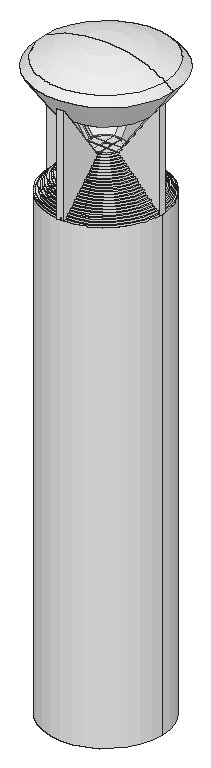
Revit family "GEM1", category Lighting Fixtures, host Face, Revit 2021
Family settings
  Host = Face
  Round Connector Dimension = Use Diameter
  Part Type = Normal
  Cut with Voids When Loaded = No
  Light Source = Yes
  Shared = No
  Room Calculation Point = No
Parameters (values of type "GEM1_Performance_Bollard")
  Wattage Comments = "21W to 41W"  # constant formula
  Wattage = 9.2903 W
  built-in parameter 1150110 = 1 (stored number, unit not read)
  Voltage = 120 V
  URL = "https://www.currentlighting.com/kimlighting"
  Type Comments = "Lighting Fixture"  # constant formula
  built-in parameter 1114217 = 1 (stored number, unit not read)
  Tilt Angle = 90.00°
  built-in parameter 1150109 = 1 (stored number, unit not read)
  built-in parameter 1150134 = 3
  built-in parameter 1150113 = 1 (stored number, unit not read)
  Shaft Material = Metal-Aluminum Alloy
  Shaft Height = Overall Height - 9 1/2"  # 33"
  Series = "Low Level LED Bollard"  # constant formula
  Product Page URL = ""
  Product Documentation Link = ""
  Power Factor = 1  # constant formula
  Photometric Web File = "gem1-18l3k.ies"
  Photometric Notes = "More IES files download on Photometric Web Link"  # constant formula
  Overall Height = 42 1/2"
  OmniClass Title = "Lighting Bollard"  # constant formula
  OmniClass Number = "23.80.70.14.11.11"  # constant formula
  Number of Poles = 1
  Note Visible = yes
  Note Text = "LF"  # constant formula
  Model = "GEM1"  # constant formula
  MasterFormat Title = "Parking Lighting, Roadway Lighting, Site Lighting"  # constant formula
  Manufacturer = "KIM Lighting"  # constant formula
  built-in parameter 1150105 = 109.82 (stored number, unit not read)
  Lumens = 1380 lm
  built-in parameter 1150115 = 1 (stored number, unit not read)
  Load Classification = Lighting
  built-in parameter 1150137 = (empty or 0)
  built-in parameter 1150139 = (empty or 0)
  built-in parameter 1150112 = 1 (stored number, unit not read)
  built-in parameter 1150114 = 1 (stored number, unit not read)
  Lamp = "LED"  # constant formula
  built-in parameter 1150132 = (empty or 0)
  built-in parameter 1150102 = (empty or 0)
  built-in parameter 1150107 = 3200 (stored number, unit not read)
  built-in parameter 1150138 = (empty or 0)
  built-in parameter 1150106 = 1.0982 (stored number, unit not read)
  Housing material = Metal-Aluminum Alloy
  Glass Material = Glass-Clear
  Full Load Current = 0 A
  Finish = "All colors shall be a Super TGIC thermoset polyester powder coat paint"
  Emit from Circle Diameter = 6"  # constant formula
  Emit Shape Visible in Rendering = no
  built-in parameter 1150104 = 13.8 (stored number, unit not read)
  Dimming Lamp Color Temperature Shift = <None>
  Description = "Architectural Outdoor Lighting"  # constant formula
  Default Elevation = 0"
  Color Filter = 16777215
  built-in parameter 1114218 = 1 (stored number, unit not read)
  built-in parameter 1150133 = 10 (stored number, unit not read)
  Assembly Code = "D5020200"
  Apparent Load = 0 VA
Reference planes (in)
  plane 1 "Center (Front/Back)": y = 0
  plane 2: z = 0
  plane 3 "Center (Left/Right)": x = 0
  plane 4 "Top of Lamp": z = 42.5
  plane 5 "Top of Shaft": z = 33
  plane 6: z = 39
  plane 7: z = 36
  plane 8: z = 41
  plane 9: z = 41.5
  plane 10 "Left": x = -4.75
  plane 11 "Right": x = 4.75
  plane 12: x = -4
  plane 13: x = 4
  plane 14 "Back": y = 4
  plane 15 "Front": y = -4
  plane 16: z = 39.96678
Forms (in)
  Revolve 1, solid, material "Glass-Clear" <- "Glass Material", detail levels medium+fine
    sketch origin (0, 0, 0) x (1, 0, 0) y (0, 0, 1)
      loop
        line (-3.14579, 39) -> (-3.30018, 39) -> (-1.12546, 36) -> (-0.97107, 36) -> (-3.14579, 39)
      axis (0, 39) -> (0, 36)
    angle from 0 to 360
  Revolve 2, solid, material "Metal-Aluminum Alloy" <- "Housing material", detail levels medium+fine
    sketch origin (0, 0, 0) x (1, 0, 0) y (0, 0, 1)
      loop
        line (-3.30018, 39) -> (-2.99141, 39) -> (-4.42241, 40.97404) -> (-4.09888, 41.29442)
        arc (-4.09888, 41.29442) -> (-2.10905, 42.0275) -> (0, 42.24827) r 8.54897
        line (0, 42.24827) -> (0, 42.5)
        arc (0, 42.5) -> (-2.18564, 42.2672) -> (-4.24541, 41.5) r 8.79978
        line (-4.24541, 41.5) -> (-4.75, 41) -> (-3.30018, 39)
      axis (0, 42.5) -> (0, 39)
    angle from 0 to 360
  Extrusion 3, solid, material "Metal-Aluminum Alloy" <- "Housing material", detail levels fine
    sketch origin (0, 0, 0) x (0, 1, 0) y (0, 0, 1)
      loop
        line (4, 33) -> (4, 39.96678) -> (1.1263, 36) -> (-1.13812, 36) -> (-4, 39.96678) -> (-4, 33) -> (4, 33)
    from -0.25 to 0.25
  Extrusion 4, solid, material "Metal-Aluminum Alloy" <- "Housing material", detail levels fine
    sketch origin (0, 0, 0) x (1, 0, 0) y (0, 0, 1)
      loop
        line (-4, 33) -> (4, 33) -> (4, 39.96678) -> (1.12474, 36) -> (-1.12474, 36) -> (-4, 39.96678) -> (-4, 33)
    from -0.25 to 0.25
  Revolve 5, solid, material "Metal-Aluminum Alloy" <- "Housing material", detail levels coarse
    sketch origin (0, 0, 0) x (1, 0, 0) y (0, 0, 1)
      loop
        line (-4, 33) -> (0, 33) -> (0, 42.5) -> (-4.75, 41) -> (-1.10293, 36) -> (-4, 33)
      axis (0, 42.5) -> (0, 33)
    angle from 0 to 360
  Revolve 6, solid, material "Metal-Aluminum Alloy" <- "Shaft Material"
    sketch origin (0, 0, 0) x (1, 0, 0) y (0, 0, 1)
      loop
        line (-4, 33) -> (-4, 0) -> (0, 0) -> (0, 33) -> (-4, 33)
      axis (0, 33) -> (0, 0)
    angle from 0 to 360
  Sweep 7, solid, material "Metal-Aluminum Alloy" <- "Housing material", detail levels medium+fine
    path origin (0, 0, 33) x (0, 1, 0) y (-1, 0, 0)
      loop
        circle (0, 0) r 4
    profile origin (-4, 0, 33) x (1, 0, 0) y (0, 0, 1)
      loop
        line (0, 0) -> (3.75, 0) -> (3.75, 3) -> (2.87454, 3) -> (2.87454, 2.875) -> (2.75, 2.875) -> (2.75, 2.75) -> (2.625, 2.75) -> (2.625, 2.625) -> (2.5, 2.625) -> (2.5, 2.5) -> (2.375, 2.5) -> (2.375, 2.375) -> (2.25, 2.375) -> (2.25, 2.25) -> (2.125, 2.25) -> (2.125, 2.12795) -> (2, 2.12795) -> (2, 2) -> (1.875, 2) -> (1.875, 1.875) -> (1.75, 1.875) -> (1.75, 1.75) -> (1.625, 1.75) -> (1.625, 1.625) -> (1.5, 1.625) -> (1.5, 1.5) -> (1.375, 1.5) -> (1.375, 1.375) -> (1.25, 1.375) -> (1.25, 1.25) -> (1.125, 1.25) -> (1.125, 1.125) -> (1, 1.125) -> (1, 1) -> (0.875, 1) -> (0.875, 0.875) -> (0.75, 0.875) -> (0.75, 0.75) -> (0.625, 0.75) -> (0.625, 0.625) -> (0.5, 0.625) -> (0.5, 0.5) -> (0.375, 0.5) -> (0.375, 0.375) -> (0.25, 0.375) -> (0.25, 0.25) -> (0.125, 0.25) -> (0.125, 0.125) -> (0, 0.125) -> (0, 0)
Lines and regions (in)
  symbolic lines
    curve 1: arc (-4.75, 0, 42.5) -> (0, 4.75, 42.5) -> (4.75, 0, 42.5) r 4.75
    curve 2: arc (4.75, 0, 42.5) -> (0, -4.75, 42.5) -> (-4.75, 0, 42.5) r 4.75
    curve 7: line (-4, 0, 0) -> (-4, 0, 33)
    curve 8: line (-4, 0, 33) -> (4, 0, 33)
    curve 9: line (4, 0, 33) -> (4, 0, 0)
    curve 168: line (0, 4, 0) -> (0, 4, 33)
    curve 169: line (0, -4, 33) -> (0, -4, 0)
    curve 170: line (0, -4, 0) -> (0, 4, 0)
    curve 171: line (-4, 0, 0) -> (4, 0, 0)
    curve 194: line (0, 4, 33) -> (0, -4, 33)
  symbolic lines, detail levels medium+fine
    curve 3: arc (-4.25, 0, 42.5) -> (0, -4.25, 42.5) -> (4.25, 0, 42.5) r 4.25
    curve 4: arc (4.25, 0, 42.5) -> (0, 4.25, 42.5) -> (-4.25, 0, 42.5) r 4.25
    curve 15: line (-4.75, 0, 41) -> (-4.25, 0, 41.5)
    curve 16: arc (-4.25, 0, 41.5) -> (-2.18628, 0, 42.26044) -> (0, 0, 42.5) r 9.03986
    curve 17: line (1.12583, 0, 36) -> (4.75, 0, 41)
    curve 18: line (4.75, 0, 41) -> (4.25, 0, 41.5)
    curve 19: arc (4.25, 0, 41.5) -> (2.18628, 0, 42.26044) -> (0, 0, 42.5) r 9.03986
    curve 20: line (-4, 0, 39.96528) -> (-4, 0, 33)
    curve 21: line (4, 0, 39.96528) -> (4, 0, 33)
    curve 22: line (-0.25, 0, 39.96678) -> (-0.25, 0, 33)
    curve 23: line (-0.25, 0, 39.96678) -> (0.25, 0, 39.96678)
    curve 24: line (0.25, 0, 39.96678) -> (0.25, 0, 33)
    curve 25: line (-1.12583, 0, 36) -> (-4.75, 0, 41)
    curve 26: line (-1.12583, 0, 36) -> (-0.25, 0, 36)
    curve 27: line (0.25, 0, 36) -> (1.12583, 0, 36)
    curve 28: line (-4, 0, 33.125) -> (-3.875, 0, 33.125)
    curve 29: line (-3.875, 0, 33.125) -> (-3.875, 0, 33.25)
    curve 30: line (-3.875, 0, 33.25) -> (-3.74967, 0, 33.25)
    curve 31: line (-3.74967, 0, 33.25) -> (-3.74967, 0, 33.375)
    curve 32: line (-3.74967, 0, 33.375) -> (-3.62467, 0, 33.375)
    curve 33: line (-3.62467, 0, 33.375) -> (-3.62467, 0, 33.5)
    curve 34: line (-3.62467, 0, 33.5) -> (-3.49967, 0, 33.5)
    curve 35: line (-3.49967, 0, 33.5) -> (-3.49967, 0, 33.625)
    curve 36: line (-3.49967, 0, 33.625) -> (-3.37467, 0, 33.625)
    curve 37: line (-3.37467, 0, 33.625) -> (-3.37467, 0, 33.75)
    curve 38: line (-3.37467, 0, 33.75) -> (-3.24967, 0, 33.75)
    curve 39: line (-3.24967, 0, 33.75) -> (-3.24967, 0, 33.875)
    curve 40: line (-3.24967, 0, 33.875) -> (-3.12467, 0, 33.875)
    curve 41: line (-3.12467, 0, 33.875) -> (-3.12467, 0, 34.0013)
    curve 42: line (-3.12467, 0, 34.0013) -> (-3.00017, 0, 34.0013)
    curve 43: line (-3.00017, 0, 34.0013) -> (-3.00017, 0, 34.12817)
    curve 44: line (-3.00017, 0, 34.12817) -> (-2.8733, 0, 34.12817)
    curve 45: line (-2.8733, 0, 34.12817) -> (-2.8733, 0, 34.25202)
    curve 46: line (-2.8733, 0, 34.25202) -> (-2.74946, 0, 34.25202)
    curve 47: line (-2.74946, 0, 34.25202) -> (-2.74946, 0, 34.37737)
    curve 48: line (-2.74946, 0, 34.37737) -> (-2.62561, 0, 34.37737)
    curve 49: line (-2.62561, 0, 34.37737) -> (-2.62561, 0, 34.50273)
    curve 50: line (-2.62561, 0, 34.50273) -> (-2.49875, 0, 34.50273)
    curve 51: line (-2.49875, 0, 34.50273) -> (-2.49875, 0, 34.62959)
    curve 52: line (-2.49875, 0, 34.62959) -> (-2.37339, 0, 34.62959)
    curve 53: line (-2.37339, 0, 34.62959) -> (-2.37339, 0, 34.75646)
    curve 54: line (-2.37339, 0, 34.75646) -> (-2.24804, 0, 34.75646)
    curve 55: line (-2.24804, 0, 34.75646) -> (-2.24804, 0, 34.8803)
    curve 56: line (-2.24804, 0, 34.8803) -> (-2.12268, 0, 34.8803)
    curve 57: line (-2.12268, 0, 34.8803) -> (-2.12268, 0, 35.00415)
    curve 58: line (-2.12268, 0, 35.00415) -> (-1.99884, 0, 35.00415)
    curve 59: line (-1.99884, 0, 35.00415) -> (-1.99884, 0, 35.13056)
    curve 60: line (-1.99884, 0, 35.13056) -> (-1.87519, 0, 35.13056)
    curve 61: line (-1.87519, 0, 35.13056) -> (-1.87519, 0, 35.25591)
    curve 62: line (-1.87519, 0, 35.25591) -> (-1.74983, 0, 35.25591)
    curve 63: line (-1.74983, 0, 35.25591) -> (-1.74983, 0, 35.38278)
    curve 64: line (-1.74983, 0, 35.38278) -> (-1.62297, 0, 35.38278)
    curve 65: line (-1.62297, 0, 35.38278) -> (-1.62297, 0, 35.50662)
    curve 66: line (-1.62297, 0, 35.50662) -> (-1.4961, 0, 35.50662)
    curve 67: line (-1.4961, 0, 35.50662) -> (-1.4961, 0, 35.63349)
    curve 68: line (-1.4961, 0, 35.63349) -> (-1.37225, 0, 35.63349)
    curve 69: line (-1.37225, 0, 35.63349) -> (-1.37225, 0, 35.75884)
    curve 70: line (-1.37225, 0, 35.75884) -> (-1.2469, 0, 35.75884)
    curve 71: line (-1.2469, 0, 35.75884) -> (-1.2469, 0, 35.88571)
    curve 72: line (-1.2469, 0, 35.88571) -> (-1.12003, 0, 35.88571)
    curve 73: line (-1.12003, 0, 35.88571) -> (-1.12003, 0, 36)
    curve 74: line (4, 0, 33.125) -> (3.875, 0, 33.125)
    curve 75: line (3.875, 0, 33.125) -> (3.875, 0, 33.25)
    curve 76: line (3.875, 0, 33.25) -> (3.74967, 0, 33.25)
    curve 77: line (3.74967, 0, 33.25) -> (3.74967, 0, 33.375)
    curve 78: line (3.74967, 0, 33.375) -> (3.62467, 0, 33.375)
    curve 79: line (3.62467, 0, 33.375) -> (3.62467, 0, 33.5)
    curve 80: line (3.62467, 0, 33.5) -> (3.49967, 0, 33.5)
    curve 81: line (3.49967, 0, 33.5) -> (3.49967, 0, 33.625)
    curve 82: line (3.49967, 0, 33.625) -> (3.37467, 0, 33.625)
    curve 83: line (3.37467, 0, 33.625) -> (3.37467, 0, 33.75)
    curve 84: line (3.37467, 0, 33.75) -> (3.24967, 0, 33.75)
    curve 85: line (3.24967, 0, 33.75) -> (3.24967, 0, 33.875)
    curve 86: line (3.24967, 0, 33.875) -> (3.12467, 0, 33.875)
    curve 87: line (3.12467, 0, 33.875) -> (3.12467, 0, 34.0013)
    curve 88: line (3.12467, 0, 34.0013) -> (3.00017, 0, 34.0013)
    curve 89: line (3.00017, 0, 34.0013) -> (3.00017, 0, 34.12817)
    curve 90: line (3.00017, 0, 34.12817) -> (2.8733, 0, 34.12817)
    curve 91: line (2.8733, 0, 34.12817) -> (2.8733, 0, 34.25202)
    curve 92: line (2.8733, 0, 34.25202) -> (2.74946, 0, 34.25202)
    curve 93: line (2.74946, 0, 34.25202) -> (2.74946, 0, 34.37737)
    curve 94: line (2.74946, 0, 34.37737) -> (2.62561, 0, 34.37737)
    curve 95: line (2.62561, 0, 34.37737) -> (2.62561, 0, 34.50273)
    curve 96: line (2.62561, 0, 34.50273) -> (2.49875, 0, 34.50273)
    curve 97: line (2.49875, 0, 34.50273) -> (2.49875, 0, 34.62959)
    curve 98: line (2.49875, 0, 34.62959) -> (2.37339, 0, 34.62959)
    curve 99: line (2.37339, 0, 34.62959) -> (2.37339, 0, 34.75646)
    curve 100: line (2.37339, 0, 34.75646) -> (2.24804, 0, 34.75646)
    curve 101: line (2.24804, 0, 34.75646) -> (2.24804, 0, 34.8803)
    curve 102: line (2.24804, 0, 34.8803) -> (2.12268, 0, 34.8803)
    curve 103: line (2.12268, 0, 34.8803) -> (2.12268, 0, 35.00415)
    curve 104: line (2.12268, 0, 35.00415) -> (1.99884, 0, 35.00415)
    curve 105: line (1.99884, 0, 35.00415) -> (1.99884, 0, 35.13056)
    curve 106: line (1.99884, 0, 35.13056) -> (1.87519, 0, 35.13056)
    curve 107: line (1.87519, 0, 35.13056) -> (1.87519, 0, 35.25591)
    curve 108: line (1.87519, 0, 35.25591) -> (1.74983, 0, 35.25591)
    curve 109: line (1.74983, 0, 35.25591) -> (1.74983, 0, 35.38278)
    curve 110: line (1.74983, 0, 35.38278) -> (1.62297, 0, 35.38278)
    curve 111: line (1.62297, 0, 35.38278) -> (1.62297, 0, 35.50662)
    curve 112: line (1.62297, 0, 35.50662) -> (1.4961, 0, 35.50662)
    curve 113: line (1.4961, 0, 35.50662) -> (1.4961, 0, 35.63349)
    curve 114: line (1.4961, 0, 35.63349) -> (1.37225, 0, 35.63349)
    curve 115: line (1.37225, 0, 35.63349) -> (1.37225, 0, 35.75884)
    curve 116: line (1.37225, 0, 35.75884) -> (1.2469, 0, 35.75884)
    curve 117: line (1.2469, 0, 35.75884) -> (1.2469, 0, 35.88571)
    curve 118: line (1.2469, 0, 35.88571) -> (1.12003, 0, 35.88571)
    curve 119: line (1.12003, 0, 35.88571) -> (1.12003, 0, 36)
    curve 179: line (0, 1.12496, 36) -> (0, 4.75, 41)
    curve 180: line (0, 4.75, 41) -> (0, 4.25, 41.5)
    curve 181: arc (0, 4.25, 41.5) -> (0, 2.188, 42.26777) -> (0, 0, 42.5) r 8.79971
    curve 182: line (0, -1.12496, 36) -> (0, -4.75, 41)
    curve 183: line (0, -4.75, 41) -> (0, -4.25, 41.5)
    curve 184: arc (0, -4.25, 41.5) -> (0, -2.188, 42.26777) -> (0, 0, 42.5) r 8.79971
    curve 185: line (0, 4, 39.96553) -> (0, 4, 33)
    curve 186: line (0, -4, 39.96553) -> (0, -4, 33)
    curve 187: line (0, 0.25, 40) -> (0, 0.25, 33)
    curve 188: line (0, 0.25, 40) -> (0, -0.25, 40)
    curve 189: line (0, -0.25, 40) -> (0, -0.25, 33)
    curve 195: line (0, 1.12496, 36) -> (0, 0.25, 36)
    curve 196: line (0, -0.25, 36) -> (0, -1.12496, 36)
    curve 243: line (0, 3.875, 33.25) -> (0, 3.875, 33.125)
    curve 244: line (0, 3.75, 33.375) -> (0, 3.75, 33.25)
    curve 245: line (0, 3.625, 33.5) -> (0, 3.625, 33.375)
    curve 246: line (0, 3.5, 33.625) -> (0, 3.5, 33.5)
    curve 247: line (0, 3.375, 33.75) -> (0, 3.375, 33.625)
    curve 248: line (0, 3.25, 33.875) -> (0, 3.25, 33.75)
    curve 249: line (0, 3.125, 34) -> (0, 3.125, 33.875)
    curve 250: line (0, 3, 34.125) -> (0, 3, 34)
    curve 251: line (0, 2.875, 34.25) -> (0, 2.875, 34.125)
    curve 252: line (0, 2.75, 34.375) -> (0, 2.75, 34.25)
    curve 253: line (0, 2.625, 34.5) -> (0, 2.625, 34.375)
    curve 254: line (0, 2.5, 34.625) -> (0, 2.5, 34.5)
    curve 255: line (0, 2.375, 34.75) -> (0, 2.375, 34.625)
    curve 256: line (0, 2.25, 34.875) -> (0, 2.25, 34.75)
    curve 257: line (0, 2.125, 35) -> (0, 2.125, 34.875)
    curve 258: line (0, 2, 35.12795) -> (0, 2, 35)
    curve 259: line (0, 1.875, 35.25) -> (0, 1.875, 35.12795)
    curve 260: line (0, 1.75, 35.375) -> (0, 1.75, 35.25)
    curve 261: line (0, 1.625, 35.5) -> (0, 1.625, 35.375)
    curve 262: line (0, 1.5, 35.625) -> (0, 1.5, 35.5)
    curve 263: line (0, 1.375, 35.75) -> (0, 1.375, 35.625)
    curve 264: line (0, 1.25, 35.875) -> (0, 1.25, 35.75)
    curve 265: line (0, 1.12496, 36) -> (0, 1.12496, 35.875)
    curve 289: line (0, -3.875, 33.25) -> (0, -3.875, 33.125)
    curve 290: line (0, -3.75, 33.375) -> (0, -3.75, 33.25)
    curve 291: line (0, -3.625, 33.5) -> (0, -3.625, 33.375)
    curve 292: line (0, -3.5, 33.625) -> (0, -3.5, 33.5)
    curve 293: line (0, -3.375, 33.75) -> (0, -3.375, 33.625)
    curve 294: line (0, -3.25, 33.875) -> (0, -3.25, 33.75)
    curve 295: line (0, -3.125, 34) -> (0, -3.125, 33.875)
    curve 296: line (0, -3, 34.125) -> (0, -3, 34)
    curve 297: line (0, -2.875, 34.25) -> (0, -2.875, 34.125)
    curve 298: line (0, -2.75, 34.375) -> (0, -2.75, 34.25)
    curve 299: line (0, -2.625, 34.5) -> (0, -2.625, 34.375)
    curve 300: line (0, -2.5, 34.625) -> (0, -2.5, 34.5)
    curve 301: line (0, -2.375, 34.75) -> (0, -2.375, 34.625)
    curve 302: line (0, -2.25, 34.875) -> (0, -2.25, 34.75)
    curve 303: line (0, -2.125, 35) -> (0, -2.125, 34.875)
    curve 304: line (0, -2, 35.12795) -> (0, -2, 35)
    curve 305: line (0, -1.875, 35.25) -> (0, -1.875, 35.12795)
    curve 306: line (0, -1.75, 35.375) -> (0, -1.75, 35.25)
    curve 307: line (0, -1.625, 35.5) -> (0, -1.625, 35.375)
    curve 308: line (0, -1.5, 35.625) -> (0, -1.5, 35.5)
    curve 309: line (0, -1.375, 35.75) -> (0, -1.375, 35.625)
    curve 310: line (0, -1.25, 35.875) -> (0, -1.25, 35.75)
    curve 311: line (0, -1.12496, 36) -> (0, -1.12496, 35.875)
  symbolic lines, detail levels coarse
    curve 5: line (3.35876, -3.35876, 42.5) -> (-3.35876, 3.35876, 42.5)
    curve 6: line (-3.35876, -3.35876, 42.5) -> (3.35876, 3.35876, 42.5)
    curve 10: line (-4, 0, 33) -> (-4, 0, 42.5)
    curve 11: line (-4, 0, 42.5) -> (4, 0, 42.5)
    curve 12: line (4, 0, 42.5) -> (4, 0, 33)
    curve 13: line (-4, 0, 42.5) -> (4, 0, 33)
    curve 14: line (-4, 0, 33) -> (4, 0, 42.5)
    curve 174: line (0, 4, 33) -> (0, 4, 42.5)
    curve 175: line (0, 4, 42.5) -> (0, -4, 42.5)
    curve 176: line (0, -4, 42.5) -> (0, -4, 33)
    curve 177: line (0, 4, 42.5) -> (0, -4, 33)
    curve 178: line (0, -4, 42.5) -> (0, 4, 33)
  symbolic lines, detail levels fine
    curve 120: line (-4.25, 0, 41.5) -> (4.25, 0, 41.5)
    curve 121: line (-4.75, 0, 41) -> (4.75, 0, 41)
    curve 122: line (-1.12003, 0, 35.88571) -> (-0.25, 0, 35.88571)
    curve 123: line (-1.2469, 0, 35.75884) -> (-0.25, 0, 35.75884)
    curve 124: line (-1.37225, 0, 35.63349) -> (-0.25, 0, 35.63349)
    curve 125: line (-1.4961, 0, 35.50662) -> (-0.25, 0, 35.50662)
    curve 126: line (-1.62297, 0, 35.38278) -> (-0.25, 0, 35.38278)
    curve 127: line (-1.74983, 0, 35.25591) -> (-0.25, 0, 35.25591)
    curve 128: line (-1.87519, 0, 35.13056) -> (-0.25, 0, 35.13056)
    curve 129: line (-1.99884, 0, 35.00415) -> (-0.25, 0, 35.00415)
    curve 130: line (-2.12268, 0, 34.8803) -> (-0.25, 0, 34.8803)
    curve 131: line (-2.24804, 0, 34.75646) -> (-0.25, 0, 34.75646)
    curve 132: line (-2.37339, 0, 34.62959) -> (-0.25, 0, 34.62959)
    curve 133: line (-2.49875, 0, 34.50273) -> (-0.25, 0, 34.50273)
    curve 134: line (-2.62561, 0, 34.37737) -> (-0.25, 0, 34.37737)
    curve 135: line (-2.74946, 0, 34.25202) -> (-0.25, 0, 34.25202)
    curve 136: line (-2.8733, 0, 34.12817) -> (-0.25, 0, 34.12817)
    curve 137: line (-3.00017, 0, 34.0013) -> (-0.25, 0, 34.0013)
    curve 138: line (-3.12467, 0, 33.875) -> (-0.25, 0, 33.875)
    curve 139: line (-3.24967, 0, 33.75) -> (-0.25, 0, 33.75)
    curve 140: line (-3.37467, 0, 33.625) -> (-0.25, 0, 33.625)
    curve 141: line (-3.49967, 0, 33.5) -> (-0.25, 0, 33.5)
    curve 142: line (-3.62467, 0, 33.375) -> (-0.25, 0, 33.375)
    curve 143: line (-3.74967, 0, 33.25) -> (-0.25, 0, 33.25)
    curve 144: line (-3.875, 0, 33.125) -> (-0.25, 0, 33.125)
    curve 145: line (1.12003, 0, 35.88571) -> (0.25, 0, 35.88571)
    curve 146: line (1.2469, 0, 35.75884) -> (0.25, 0, 35.75884)
    curve 147: line (1.37225, 0, 35.63349) -> (0.25, 0, 35.63349)
    curve 148: line (1.4961, 0, 35.50662) -> (0.25, 0, 35.50662)
    curve 149: line (1.62297, 0, 35.38278) -> (0.25, 0, 35.38278)
    curve 150: line (1.74983, 0, 35.25591) -> (0.25, 0, 35.25591)
    curve 151: line (1.87519, 0, 35.13056) -> (0.25, 0, 35.13056)
    curve 152: line (1.99884, 0, 35.00415) -> (0.25, 0, 35.00415)
    curve 153: line (2.12268, 0, 34.8803) -> (0.25, 0, 34.8803)
    curve 154: line (2.24804, 0, 34.75646) -> (0.25, 0, 34.75646)
    curve 155: line (2.37339, 0, 34.62959) -> (0.25, 0, 34.62959)
    curve 156: line (2.49875, 0, 34.50273) -> (0.25, 0, 34.50273)
    curve 157: line (2.62561, 0, 34.37737) -> (0.25, 0, 34.37737)
    curve 158: line (2.74946, 0, 34.25202) -> (0.25, 0, 34.25202)
    curve 159: line (2.8733, 0, 34.12817) -> (0.25, 0, 34.12817)
    curve 160: line (3.00017, 0, 34.0013) -> (0.25, 0, 34.0013)
    curve 161: line (3.12467, 0, 33.875) -> (0.25, 0, 33.875)
    curve 162: line (3.24967, 0, 33.75) -> (0.25, 0, 33.75)
    curve 163: line (3.37467, 0, 33.625) -> (0.25, 0, 33.625)
    curve 164: line (3.49967, 0, 33.5) -> (0.25, 0, 33.5)
    curve 165: line (3.62467, 0, 33.375) -> (0.25, 0, 33.375)
    curve 166: line (3.74967, 0, 33.25) -> (0.25, 0, 33.25)
    curve 167: line (3.875, 0, 33.125) -> (0.25, 0, 33.125)
    curve 172: line (-3.30033, 0, 39) -> (-0.25, 0, 39)
    curve 173: line (0.25, 0, 39) -> (3.30033, 0, 39)
    curve 190: line (0, 4.25, 41.5) -> (0, -4.25, 41.5)
    curve 191: line (0, 4.75, 41) -> (0, -4.75, 41)
    curve 192: line (0, 3.29999, 39) -> (0, 0.25, 39)
    curve 193: line (0, -0.25, 39) -> (0, -3.29999, 39)
    curve 197: line (0, 0.25, 33.125) -> (0, 4, 33.125)
    curve 198: line (0, 0.25, 33.25) -> (0, 3.875, 33.25)
    curve 199: line (0, 0.25, 33.375) -> (0, 3.75, 33.375)
    curve 200: line (0, 0.25, 33.5) -> (0, 3.625, 33.5)
    curve 201: line (0, 0.25, 33.625) -> (0, 3.5, 33.625)
    curve 202: line (0, 0.25, 33.75) -> (0, 3.375, 33.75)
    curve 203: line (0, 0.25, 33.875) -> (0, 3.25, 33.875)
    curve 204: line (0, 0.25, 34) -> (0, 3.125, 34)
    curve 205: line (0, 0.25, 34.125) -> (0, 3, 34.125)
    curve 206: line (0, 0.25, 34.25) -> (0, 2.875, 34.25)
    curve 207: line (0, 0.25, 34.375) -> (0, 2.75, 34.375)
    curve 208: line (0, 0.25, 34.5) -> (0, 2.625, 34.5)
    curve 209: line (0, 0.25, 34.625) -> (0, 2.5, 34.625)
    curve 210: line (0, 0.25, 34.75) -> (0, 2.375, 34.75)
    curve 211: line (0, 0.25, 34.875) -> (0, 2.25, 34.875)
    curve 212: line (0, 0.25, 35) -> (0, 2.125, 35)
    curve 213: line (0, 0.25, 35.12795) -> (0, 2, 35.12795)
    curve 214: line (0, 0.25, 35.25) -> (0, 1.875, 35.25)
    curve 215: line (0, 0.25, 35.375) -> (0, 1.75, 35.375)
    curve 216: line (0, 0.25, 35.625) -> (0, 1.5, 35.625)
    curve 217: line (0, 0.25, 35.5) -> (0, 1.625, 35.5)
    curve 218: line (0, 0.25, 35.75) -> (0, 1.375, 35.75)
    curve 219: line (0, 0.25, 35.875) -> (0, 1.25, 35.875)
    curve 220: line (0, -4, 33.125) -> (0, -0.25, 33.125)
    curve 221: line (0, -3.875, 33.25) -> (0, -0.25, 33.25)
    curve 222: line (0, -3.75, 33.375) -> (0, -0.25, 33.375)
    curve 223: line (0, -3.625, 33.5) -> (0, -0.25, 33.5)
    curve 224: line (0, -3.5, 33.625) -> (0, -0.25, 33.625)
    curve 225: line (0, -3.36842, 33.75) -> (0, -0.25, 33.75)
    curve 226: line (0, -3.26316, 33.875) -> (0, -0.25, 33.875)
    curve 227: line (0, -3.125, 34) -> (0, -0.25, 34)
    curve 228: line (0, -3, 34.125) -> (0, -0.25, 34.125)
    curve 229: line (0, -2.875, 34.25) -> (0, -0.25, 34.25)
    curve 230: line (0, -2.75, 34.375) -> (0, -0.25, 34.375)
    curve 231: line (0, -2.625, 34.5) -> (0, -0.25, 34.5)
    curve 232: line (0, -2.5, 34.625) -> (0, -0.25, 34.625)
    curve 233: line (0, -2.375, 34.75) -> (0, -0.25, 34.75)
    curve 234: line (0, -2.25, 34.875) -> (0, -0.25, 34.875)
    curve 235: line (0, -2.125, 35) -> (0, -0.25, 35)
    curve 236: line (0, -2, 35.12795) -> (0, -0.25, 35.12795)
    curve 237: line (0, -1.875, 35.25) -> (0, -0.25, 35.25)
    curve 238: line (0, -1.75, 35.375) -> (0, -0.25, 35.375)
    curve 239: line (0, -1.625, 35.5) -> (0, -0.25, 35.5)
    curve 240: line (0, -1.5, 35.625) -> (0, -0.25, 35.625)
    curve 241: line (0, -1.375, 35.75) -> (0, -0.25, 35.75)
    curve 242: line (0, -1.25, 35.875) -> (0, -0.25, 35.875)
  symbolic lines, detail levels medium
    curve 266: line (0, 1.12496, 35.875) -> (0, 1.25, 35.875)
    curve 267: line (0, 1.25, 35.75) -> (0, 1.375, 35.75)
    curve 268: line (0, 1.375, 35.625) -> (0, 1.5, 35.625)
    curve 269: line (0, 1.5, 35.5) -> (0, 1.625, 35.5)
    curve 270: line (0, 1.625, 35.375) -> (0, 1.75, 35.375)
    curve 271: line (0, 1.75, 35.25) -> (0, 1.875, 35.25)
    curve 272: line (0, 1.875, 35.12795) -> (0, 2, 35.12795)
    curve 273: line (0, 2, 35) -> (0, 2.125, 35)
    curve 274: line (0, 2.125, 34.875) -> (0, 2.25, 34.875)
    curve 275: line (0, 2.25, 34.75) -> (0, 2.375, 34.75)
    curve 276: line (0, 2.375, 34.625) -> (0, 2.5, 34.625)
    curve 277: line (0, 2.5, 34.5) -> (0, 2.625, 34.5)
    curve 278: line (0, 2.625, 34.375) -> (0, 2.75, 34.375)
    curve 279: line (0, 3, 34) -> (0, 3.125, 34)
    curve 280: line (0, 3.125, 33.875) -> (0, 3.25, 33.875)
    curve 281: line (0, 3.375, 33.625) -> (0, 3.5, 33.625)
    curve 282: line (0, 3.25, 33.75) -> (0, 3.375, 33.75)
    curve 283: line (0, 3.5, 33.5) -> (0, 3.625, 33.5)
    curve 284: line (0, 3.75, 33.25) -> (0, 3.875, 33.25)
    curve 285: line (0, 3.875, 33.125) -> (0, 4, 33.125)
    curve 286: line (0, 3.625, 33.375) -> (0, 3.75, 33.375)
    curve 287: line (0, 2.875, 34.125) -> (0, 3, 34.125)
    curve 288: line (0, 2.75, 34.25) -> (0, 2.875, 34.25)
    curve 312: line (0, -1.12496, 35.875) -> (0, -1.25, 35.875)
    curve 313: line (0, -1.25, 35.75) -> (0, -1.375, 35.75)
    curve 314: line (0, -1.375, 35.625) -> (0, -1.5, 35.625)
    curve 315: line (0, -1.5, 35.5) -> (0, -1.625, 35.5)
    curve 316: line (0, -1.625, 35.375) -> (0, -1.75, 35.375)
    curve 317: line (0, -1.75, 35.25) -> (0, -1.875, 35.25)
    curve 318: line (0, -1.875, 35.12795) -> (0, -2, 35.12795)
    curve 319: line (0, -2, 35) -> (0, -2.125, 35)
    curve 320: line (0, -2.125, 34.875) -> (0, -2.25, 34.875)
    curve 321: line (0, -2.25, 34.75) -> (0, -2.375, 34.75)
    curve 322: line (0, -2.375, 34.625) -> (0, -2.5, 34.625)
    curve 323: line (0, -2.5, 34.5) -> (0, -2.625, 34.5)
    curve 324: line (0, -2.625, 34.375) -> (0, -2.75, 34.375)
    curve 325: line (0, -3, 34) -> (0, -3.125, 34)
    curve 326: line (0, -3.125, 33.875) -> (0, -3.25, 33.875)
    curve 327: line (0, -3.375, 33.625) -> (0, -3.5, 33.625)
    curve 328: line (0, -3.25, 33.75) -> (0, -3.375, 33.75)
    curve 329: line (0, -3.5, 33.5) -> (0, -3.625, 33.5)
    curve 330: line (0, -3.75, 33.25) -> (0, -3.875, 33.25)
    curve 331: line (0, -3.875, 33.125) -> (0, -4, 33.125)
    curve 332: line (0, -3.625, 33.375) -> (0, -3.75, 33.375)
    curve 333: line (0, -2.875, 34.125) -> (0, -3, 34.125)
    curve 334: line (0, -2.75, 34.25) -> (0, -2.875, 34.25)
Dimensions and locks (in)
  equal spacing: plane 10 "Left", plane 3 "Center (Left/Right)", plane 11 "Right"
  locked: plane 10 "Left" to plane 11 "Right" at 9.5
  locked: plane 7 to plane 5 "Top of Shaft" at 3
  locked: plane 6 to plane 5 "Top of Shaft" at 6
  locked: plane 4 "Top of Lamp" to plane 5 "Top of Shaft" at 9.5
  locked: plane 8 to plane 5 "Top of Shaft" at 8
  locked: plane 9 to plane 5 "Top of Shaft" at 8.5
  "Shaft Height": plane 5 "Top of Shaft" to plane 2
  equal spacing: plane 12, plane 3 "Center (Left/Right)", plane 13
  locked: plane 12 to plane 13 at 8
  locked: plane 14 "Back" to plane 15 "Front" at 8
  equal spacing: plane 14 "Back", plane 1 "Center (Front/Back)", plane 15 "Front"
  locked: plane 16 to plane 5 "Top of Shaft" at 6.96678
  aligned and locked: plane 2 to host face
  aligned and locked: level to host face
  aligned and locked: Revolve 1 sketch curve to plane 3 "Center (Left/Right)"
  aligned and locked: imposter light to Revolve 2 sketch curve  (x2)
  aligned and locked: Revolve 2 sketch curve to plane 3 "Center (Left/Right)"
  aligned and locked: plane 11 "Right" to Revolve 2
  aligned and locked: curve 1 to Revolve 2
  aligned and locked: imposter light to Revolve 5 sketch curve
  aligned and locked: plane 5 "Top of Shaft" to Revolve 5 sketch curve  (x2)
  aligned and locked: Revolve 5 sketch curve to plane 3 "Center (Left/Right)"
  aligned and locked: plane 3 "Center (Left/Right)" to nested 1
  aligned and locked: Extrusion 4 to Revolve 6 sketch curve
  aligned and locked: host face to Revolve 6 sketch curve
  aligned and locked: Revolve 6 sketch curve to plane 3 "Center (Left/Right)"  (x2)
  aligned and locked: plane 8 to Revolve 2 sketch curve
  aligned and locked: plane 9 to Revolve 2 sketch curve
  aligned and locked: plane 7 to Revolve 5 sketch curve
  aligned and locked: plane 8 to Revolve 5 sketch curve
  aligned and locked: plane 4 "Top of Lamp" to Revolve 5 sketch curve
  aligned and locked: plane 10 "Left" to Revolve 2 sketch curve
  aligned and locked: plane 4 "Top of Lamp" to Revolve 2 sketch curve
  aligned and locked: Revolve 1 sketch curve to plane 7
  aligned and locked: plane 6 to Revolve 1 sketch curve
  aligned and locked: Revolve 2 sketch curve to plane 6
  aligned and locked: plane 12 to Extrusion 4
  aligned and locked: Extrusion 4 to plane 13
  aligned and locked: plane 14 "Back" to Extrusion 3
  aligned and locked: Extrusion 3 to plane 15 "Front"
  aligned and locked: curve 7 to plane 12
  aligned and locked: plane 13 to curve 9
  aligned and locked: curve 8 to plane 5 "Top of Shaft"
  aligned and locked: plane 13 to curve 12
  aligned and locked: curve 11 to plane 4 "Top of Lamp"
  aligned and locked: curve 10 to plane 12
  aligned and locked: plane 4 "Top of Lamp" to curve 16
  aligned and locked: plane 12 to curve 20
  aligned and locked: plane 13 to curve 21
  aligned and locked: Extrusion 3 to curve 22
  aligned and locked: curve 24 to Extrusion 3
  aligned and locked: curve 26 to plane 7
  aligned and locked: plane 7 to curve 27
  aligned and locked: plane 8 to curve 18
  aligned and locked: plane 9 to curve 18
  aligned and locked: plane 7 to curve 73
  aligned and locked: plane 12 to curve 28
  aligned and locked: curve 120 to Revolve 2
  aligned and locked: curve 121 to Revolve 2
  aligned and locked: curve 70 to curve 123
  aligned and locked: curve 68 to curve 124
  aligned and locked: plane 2 to curve 170
  aligned and locked: curve 168 to plane 14 "Back"
  aligned and locked: plane 15 "Front" to curve 169
  aligned and locked: curve 172 to plane 6
  aligned and locked: curve 173 to plane 6
  aligned and locked: curve 175 to plane 4 "Top of Lamp"
  aligned and locked: plane 15 "Front" to curve 186
  aligned and locked: curve 174 to plane 14 "Back"
  aligned and locked: plane 15 "Front" to curve 176
  aligned and locked: plane 14 "Back" to curve 185
  aligned and locked: plane 4 "Top of Lamp" to curve 181
  aligned and locked: plane 9 to curve 190  (x2)
  aligned and locked: plane 8 to curve 191
  aligned and locked: plane 8 to curve 183
  aligned and locked: curve 189 to Extrusion 4
  aligned and locked: curve 187 to Extrusion 4
  aligned and locked: plane 6 to curve 192
  aligned and locked: plane 6 to curve 193
  aligned and locked: Revolve 6 to plane 5 "Top of Shaft"  (x2)
  aligned and locked: plane 7 to curve 195
  aligned and locked: plane 5 "Top of Shaft" to Extrusion 3
  aligned and locked: plane 6 to Revolve 2
  aligned and locked: plane 16 to Extrusion 4 sketch curve  (x2)
  aligned and locked: plane 7 to Extrusion 4 sketch curve
  aligned and locked: plane 13 to Extrusion 4 sketch curve
  aligned and locked: plane 12 to Extrusion 4 sketch curve
  aligned and locked: plane 16 to Extrusion 3 sketch curve  (x2)
  aligned and locked: Extrusion 3 sketch curve to plane 7
  aligned and locked: plane 15 "Front" to Extrusion 3 sketch curve
  aligned and locked: plane 1 "Center (Front/Back)" to Sweep 7 sketch curve
  aligned and locked: plane 3 "Center (Left/Right)" to Sweep 7 sketch curve
  aligned and locked: plane 5 "Top of Shaft" to Sweep 7 sketch curve
  aligned and locked: Sweep 7 sketch curve to plane 7
  aligned and locked: imposter light to plane 16
  aligned and locked: plane 1 "Center (Front/Back)" to imposter light
  aligned and locked: imposter light to plane 3 "Center (Left/Right)"
Automatic sketch dimensions
  host sketch curve to host sketch curve = 96"  (x2)
  plane 10 "Left" to curve 25 = 0"
  plane 11 "Right" to curve 18 = 0"
  curve 7 to level = 0"
  curve 22 to plane 16 = 0"
  curve 16 to plane 3 "Center (Left/Right)" = 0"
  curve 19 to plane 3 "Center (Left/Right)" = 0"
  curve 119 to plane 7 = 0"
  plane 12 to curve 120 = 1/4"
  curve 28 to curve 29 = 1/8"
  curve 29 to curve 32 = 0.12533"
  curve 31 to curve 142 = 1/8"
  curve 33 to curve 34 = 1/8"
  curve 35 to curve 36 = 1/8"
  curve 37 to curve 139 = 1/8"
  curve 39 to curve 138 = 1/8"
  curve 41 to curve 42 = 0.12451"
  curve 43 to curve 45 = 0.12687"
  curve 45 to curve 47 = 0.12385"
  curve 47 to curve 48 = 0.12385"
  curve 49 to curve 50 = 0.12687"
  curve 51 to curve 54 = 0.12536"
  curve 53 to curve 56 = 0.12536"
  curve 55 to curve 56 = 0.12536"
  curve 57 to curve 59 = 0.12385"
  curve 59 to curve 128 = 0.12365"
  curve 61 to curve 62 = 0.12536"
  curve 63 to curve 66 = 0.12687"
  curve 65 to curve 68 = 0.12687"
  curve 67 to curve 69 = 0.12385"
  curve 69 to curve 70 = 0.12536"
  curve 71 to curve 25 = 0.12107"
  curve 25 to curve 73 = 0.0058"
  curve 118 to plane 7 = 0.11429"
  curve 145 to curve 118 = 0.87003"
  curve 119 to curve 17 = 0.0058"
  curve 118 to curve 117 = 0.12687"
  curve 116 to curve 114 = 0.12536"
  curve 114 to curve 113 = 0.12385"
  curve 112 to curve 112 = 0.12687"
  curve 110 to curve 108 = 0.12687"
  curve 108 to curve 107 = 0.12536"
  curve 106 to curve 152 = 0.12365"
  curve 104 to curve 103 = 0.12385"
  curve 102 to curve 101 = 0.12536"
  curve 100 to curve 98 = 0.12536"
  curve 98 to curve 96 = 0.12536"
  curve 96 to curve 95 = 0.12687"
  curve 94 to curve 94 = 0.12385"
  curve 92 to curve 91 = 0.12385"
  curve 90 to curve 88 = 0.12687"
  curve 88 to curve 88 = 0.12451"
  curve 86 to curve 85 = 1/8"
  curve 84 to curve 82 = 1/8"
  curve 82 to curve 81 = 1/8"
  curve 80 to curve 165 = 1/8"
  curve 78 to curve 166 = 1/8"
  plane 13 to curve 76 = 1/8"
  curve 120 to plane 13 = 1/4"
  curve 16 to plane 3 "Center (Left/Right)" = 0.1158"
  plane 3 "Center (Left/Right)" to curve 19 = 0.1158"
  plane 5 "Top of Shaft" to curve 28 = 1/8"
  plane 5 "Top of Shaft" to curve 75 = 1/8"
  curve 74 to curve 166 = 1/8"
  curve 28 to curve 143 = 1/8"
  curve 76 to curve 79 = 1/8"
  curve 30 to curve 33 = 1/8"
  curve 32 to curve 33 = 1/8"
  curve 78 to curve 81 = 1/8"
  curve 34 to curve 36 = 1/8"
  curve 80 to curve 82 = 1/8"
  curve 82 to curve 162 = 1/8"
  curve 36 to curve 139 = 1/8"
  curve 38 to curve 41 = 1/8"
  curve 84 to curve 85 = 1/8"
  curve 86 to curve 88 = 0.1263"
  curve 40 to curve 137 = 0.1263"
  curve 42 to curve 45 = 0.12687"
  curve 88 to curve 159 = 0.12687"
  curve 90 to curve 92 = 0.12385"
  curve 44 to curve 135 = 0.12385"
  curve 92 to curve 94 = 0.12536"
  curve 46 to curve 134 = 0.12536"
  curve 94 to curve 97 = 0.12536"
  curve 48 to curve 51 = 0.12536"
  curve 50 to curve 53 = 0.12687"
  curve 96 to curve 98 = 0.12687"
  curve 52 to curve 131 = 0.12687"
  curve 98 to curve 154 = 0.12687"
  curve 100 to curve 153 = 0.12385"
  curve 54 to curve 130 = 0.12385"
  curve 102 to curve 104 = 0.12385"
  curve 56 to curve 129 = 0.12385"
  curve 104 to curve 107 = 0.12641"
  curve 58 to curve 61 = 0.12641"
  curve 106 to curve 107 = 0.12536"
  curve 60 to curve 63 = 0.12536"
  curve 62 to curve 126 = 0.12687"
  curve 108 to curve 111 = 0.12687"
  curve 110 to curve 148 = 0.12385"
  curve 64 to curve 65 = 0.12385"
  curve 66 to curve 69 = 0.12687"
  curve 112 to curve 147 = 0.12687"
  curve 114 to curve 116 = 0.12536"
  curve 68 to curve 69 = 0.12536"
  curve 71 to plane 7 = 0.11429"
  Revolve 1 sketch curve to plane 12 = 0.69982"
  Revolve 1 sketch curve to Revolve 1 sketch curve = 0.15439"  (x2)
  Revolve 1 sketch curve to plane 3 "Center (Left/Right)" = 1.12546"
  Revolve 1 sketch curve to level = 24"
  plane 4 "Top of Lamp" to Revolve 1 sketch curve = 60.21882"
  Revolve 2 sketch curve to Revolve 2 sketch curve = 0.00331"
  Revolve 2 sketch curve to Revolve 2 sketch curve = 0.00081"
  Revolve 2 sketch curve to plane 8 = 0.02596"
  Revolve 2 sketch curve to plane 10 "Left" = 0.32759"
  plane 12 to Revolve 2 sketch curve = 0.09888"
  Revolve 2 sketch curve to plane 9 = 0.20558"
  plane 12 to Revolve 2 sketch curve = 0.24541"
  Revolve 2 sketch curve to plane 12 = 0.69982"
  Revolve 2 sketch curve to Revolve 2 sketch curve = 0.30878"
  Revolve 2 sketch curve to plane 3 "Center (Left/Right)" = 0.16809"
  Revolve 2 sketch curve to level = 24"
  Revolve 2 sketch curve to Revolve 2 sketch curve = 60.21882"
  Extrusion 3 sketch curve to plane 14 "Back" = 0"
  Extrusion 3 sketch curve to plane 5 "Top of Shaft" = 0"
  plane 1 "Center (Front/Back)" to Extrusion 3 sketch curve = 1.13812"
  Extrusion 3 sketch curve to plane 1 "Center (Front/Back)" = 1.1263"
  Extrusion 4 sketch curve to plane 5 "Top of Shaft" = 0"
  Extrusion 4 sketch curve to plane 3 "Center (Left/Right)" = 1.12474"
  plane 3 "Center (Left/Right)" to Extrusion 4 sketch curve = 1.12474"
  curve 1 to curve 3 = 0"  (x2)
  curve 4 to plane 13 = 1/4"
  plane 13 to curve 5 = 0.64124"
  plane 13 to curve 6 = 0.64124"
  curve 6 to plane 12 = 0.64124"
  curve 5 to plane 12 = 0.64124"
  plane 10 "Left" to Revolve 5 sketch curve = 0"
  plane 12 to Revolve 5 sketch curve = 0"
  Revolve 5 sketch curve to plane 3 "Center (Left/Right)" = 1.10293"
  Revolve 5 sketch curve to level = 24"
  Revolve 5 sketch curve to Revolve 5 sketch curve = 60.21882"
  curve 196 to plane 7 = 0"
  curve 169 to plane 5 "Top of Shaft" = 0"
  curve 182 to plane 15 "Front" = 3/4"
  curve 184 to plane 1 "Center (Front/Back)" = 0"
  curve 181 to plane 1 "Center (Front/Back)" = 0"
  curve 183 to plane 15 "Front" = 1/4"
  plane 15 "Front" to curve 289 = 1/8"
  curve 221 to curve 332 = 1/8"
  curve 222 to curve 329 = 1/8"
  curve 223 to curve 224 = 1/8"
  curve 224 to curve 328 = 1/8"
  curve 293 to curve 328 = 1/8"
  curve 294 to curve 326 = 1/8"
  curve 227 to curve 325 = 1/8"
  curve 228 to curve 333 = 1/8"
  curve 229 to curve 298 = 1/8"
  curve 230 to curve 299 = 1/8"
  curve 231 to curve 232 = 1/8"
  curve 232 to curve 321 = 1/8"
  curve 233 to curve 302 = 1/8"
  curve 234 to curve 303 = 1/8"
  curve 235 to curve 304 = 1/8"
  curve 236 to curve 317 = 1/8"
  curve 237 to curve 306 = 1/8"
  curve 238 to curve 307 = 1/8"
  curve 239 to curve 308 = 1/8"
  curve 240 to curve 309 = 1/8"
  curve 241 to curve 310 = 1/8"
  curve 242 to curve 311 = 0.12504"
  curve 195 to curve 179 = 0.87496"
  curve 265 to curve 219 = 0.12504"
  curve 264 to curve 263 = 1/8"
  curve 268 to curve 216 = 1/8"
  curve 269 to curve 261 = 1/8"
  curve 261 to curve 260 = 1/8"
  curve 260 to curve 214 = 1/8"
  curve 259 to curve 258 = 1/8"
  curve 258 to curve 273 = 1/8"
  curve 257 to curve 274 = 1/8"
  curve 256 to curve 210 = 1/8"
  curve 255 to curve 254 = 1/8"
  curve 254 to curve 208 = 1/8"
  curve 253 to curve 207 = 1/8"
  curve 252 to curve 251 = 1/8"
  curve 251 to curve 250 = 1/8"
  curve 250 to curve 249 = 1/8"
  curve 249 to curve 280 = 1/8"
  curve 248 to curve 202 = 1/8"
  curve 247 to curve 281 = 1/8"
  curve 246 to curve 200 = 1/8"
  curve 245 to curve 199 = 1/8"
  curve 244 to curve 243 = 1/8"
  plane 14 "Back" to curve 190 = 1/4"
  curve 190 to curve 180 = 1/2"
  curve 293 to curve 225 = 0.00658"
  curve 226 to curve 294 = 0.01316"
  curve 225 to curve 184 = 0.07747"
  curve 181 to curve 202 = 0.07747"
  plane 5 "Top of Shaft" to curve 289 = 1/8"
  curve 289 to curve 330 = 1/8"
  plane 5 "Top of Shaft" to curve 198 = 1/4"
  curve 290 to curve 291 = 1/8"
  curve 244 to curve 244 = 1/8"
  curve 245 to curve 245 = 1/8"
  curve 291 to curve 223 = 1/8"
  curve 246 to curve 201 = 1/8"
  curve 293 to curve 225 = 1/8"
  curve 247 to curve 202 = 1/8"
  curve 328 to curve 225 = 0"
  curve 226 to curve 326 = 0"
  curve 248 to curve 248 = 1/8"
  curve 295 to curve 325 = 1/8"
  curve 249 to curve 279 = 1/8"
  curve 250 to curve 250 = 1/8"
  curve 296 to curve 333 = 1/8"
  curve 297 to curve 229 = 1/8"
  curve 251 to curve 206 = 1/8"
  curve 298 to curve 299 = 1/8"
  curve 252 to curve 252 = 1/8"
  curve 253 to curve 253 = 1/8"
  curve 299 to curve 323 = 1/8"
  curve 254 to curve 254 = 1/8"
  curve 300 to curve 322 = 1/8"
  curve 301 to curve 321 = 1/8"
  curve 255 to curve 210 = 1/8"
  curve 302 to curve 302 = 1/8"
  curve 256 to curve 274 = 1/8"
  curve 303 to curve 319 = 1/8"
  curve 257 to curve 273 = 1/8"
  curve 304 to curve 305 = 0.12795"
  curve 258 to curve 213 = 0.12795"
  curve 305 to curve 305 = 0.12205"
  curve 259 to curve 271 = 0.12205"
  curve 306 to curve 306 = 1/8"
  curve 260 to curve 270 = 1/8"
  curve 307 to curve 239 = 1/8"
  curve 261 to curve 261 = 1/8"
  curve 262 to curve 216 = 1/8"
  curve 308 to curve 308 = 1/8"
  curve 263 to curve 267 = 1/8"
  curve 309 to curve 241 = 1/8"
  curve 219 to plane 7 = 1/8"
  curve 311 to curve 182 = 1/8"
  plane 16 to curve 188 = 0.03322"
  curve 285 to curve 198 = 1/8"
  curve 220 to curve 331 = 0"
  curve 197 to curve 198 = 1/8"
  Revolve 6 sketch curve to plane 5 "Top of Shaft" = 0"
  Revolve 6 sketch curve to level = 24"
  plane 4 "Top of Lamp" to Revolve 6 sketch curve = 60.21882"
  profile plane to Sweep 7 sketch curve = 0"
  profile plane to Sweep 7 sketch curve = 1/8"
  Sweep 7 sketch curve to profile plane = 1/8"
  Sweep 7 sketch curve to Sweep 7 sketch curve = 1/8"  (x41)
  Sweep 7 sketch curve to Sweep 7 sketch curve = 0.12454"
  Sweep 7 sketch curve to Sweep 7 sketch curve = 1 7/8"
  Sweep 7 sketch curve to Sweep 7 sketch curve = 0.12795"
  Sweep 7 sketch curve to Sweep 7 sketch curve = 0.12205"
  radius of Sweep 7 sketch curve = 4"
Nested families (in)
  nested 1: "Notation" at (0, 5.82081, 0), visible <- "Note Visible", type "Notation"
Connectors (in)
  electrical at (0, 0, 0), driven by "Power Factor", driven by "Voltage", driven by "Apparent Load", driven by "Number of Poles", driven by "Load Classification"
    settings: on Revolve 6, index 1, voltage 120 V, apparent load 0 VA, apparent load phase1 0 VA, apparent load phase2 0 VA, apparent load phase3 0 VA, power factor 1, load classification "Lighting", number of poles 1, system type 30, power factor state 1, is connector primary yes, connector utility no, sub classification motor no, connector description "Lighting Connector"
Definition of nested family "Notation"
  Parameters
    Notation = "LF"
  Reference planes (in)
    plane 1: y = 0
    plane 2: x = 0
  Text (in)
    label "Notation" at (0.02149, 0.07192, 0), shows "Notation"
